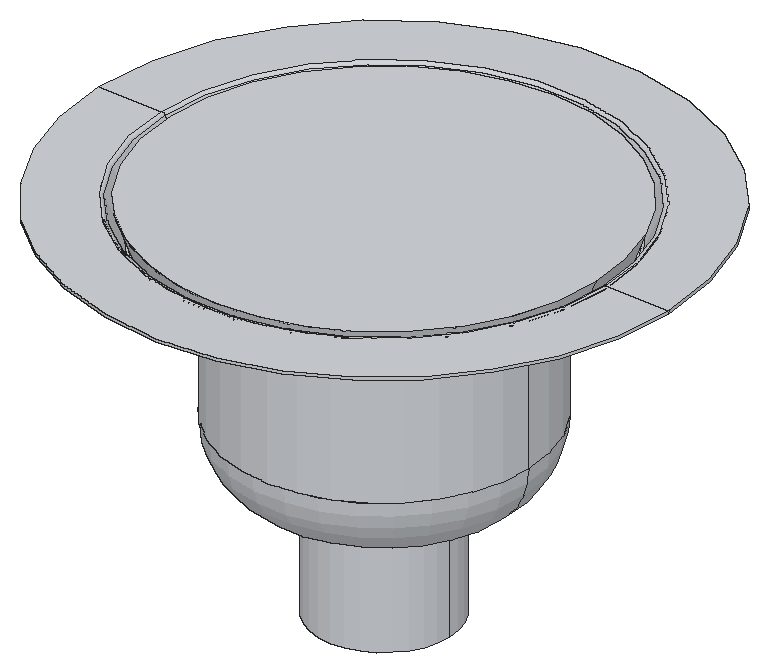
Revit family "S-598_Vertical", category Aparatos sanitarios, Revit 2015
Parameters (values of type "S-598_Vertical_ABS Blanco")
  WFU = 1
  URL = "http://www.jimten.com/es/producto/331/sumidero-para-suelo-vinilico-salida-vertical"
  Sello hidráulico = "50 mm"  # constant formula
  Salida = "50M/110M"  # constant formula
  Rejilla = ABS (Blanco)
  Referencia = "12451"  # constant formula
  Modelo = "S-598"  # constant formula
  Medida = "Ø160 mm"  # constant formula
  Material = ABS (Blanco)
  Fabricante = "Jimten"  # constant formula
  Diámetro = 50 mm  # constant formula
  Descripción = "SUMIDERO PARA SUELOS DE VINILO, SIFON EXTRAIBLE, CON FILTRO DE PELOS, SALIDA VERTICAL, CON CAPO, ANTIVANDÁLICO, PLASTICO·"  # constant formula
  Comentarios de tipo = "CON PRENSATELAS PARA LÁMINAS IMPERMEABILIZANTES DE VINILO. CON TAPA DE PROTECCION DE OBRA"  # constant formula
  Clase carga = "K3"  # constant formula
  Caudal = 0.9 L/s  # constant formula
  Altura total mínima = "110 mm"  # constant formula
Reference planes
  plane 1 "Center (Front/Back)": y = 0
  plane 2: z = 0
  plane 3 "Center (Left/Right)": x = 0
Dimensions and locks
  aligned and locked: level to plane 2
Nested families
  nested 1: "S-598-Rejilla" at (0, 0, 0), type "S-598-Rejilla"
  nested 2: "S-598-OutletVertical" at (0, 0, 0), type "S-598-OutletVertical"
Connectors
  piping at (0, 0, -140), diameter 50, driven by "WFU", driven by "Diámetro", driven by "Caudal"
    settings: on nested 2, index 1, connector inside diameter 609.6 mm, connector length 0 mm, flow factor 0, pipe flow 0.9 L/s, pressure drop 0.0 Pa, fitting loss kfactor 0, connector angle 0.00°, fixture units 1, engagement length 0 mm, angle of deflection 0.00°, flow configuration 0, flow direction 2, fitting loss method 0, system type 16, joint type 0, gender type 0, connector reference index -1, connector utility 0, adjustable connector yes, is connector primary yes, connector description ""
Definition of nested family "S-598-Rejilla"
  Parameters (values of type "S-598-Rejilla")
    Materia_Rejilla = none
  Reference planes
    plane 1 "Center (Front/Back)": y = 0
    plane 2: z = 0
    plane 3 "Center (Left/Right)": x = 0
    plane 4: z = -15
    plane 5 "DetalleRejilla": z = 1
  Forms (mm)
    Blend 1, solid
      base sketch origin (-125.198, -1524, -15) x (-1, 0, 0) y (0, -1, 0)
        loop
          circle (-125.198, -1524) r 75
      top sketch origin (-125.198, -1524, -15) x (-1, 0, 0) y (0, -1, 0)
        loop
          circle (-125.198, -1524) r 80.5
      from 0 to 15
  Lines and regions (mm)
    model lines, detail levels medium+fine
      curve 1: arc (-73.5, -14.925, 1) -> (0.019, -75, 1) -> (73.508, -14.888, 1) r 75
      curve 2: arc (73.508, 14.888, 1) -> (0.019, 75, 1) -> (-73.5, 14.925, 1) r 75
      curve 3: arc (73.508, 14.888, 1) -> (64.052, 0, 1) -> (73.508, -14.888, 1) r 16.448
      curve 4: arc (-73.5, -14.925, 1) -> (-64.015, 0, 1) -> (-73.5, 14.925, 1) r 16.485
      curve 5: circle (0, 0, 1) r 80.5 normal (0, 0, 1)
  Dimensions and locks
    plane 4 to plane 2 = 15 mm
    plane 5 "DetalleRejilla" to plane 2 = 1 mm
    aligned and locked: level to plane 2
    aligned and locked: level to Blend 1
Definition of nested family "S-598-OutletVertical"
  Parameters (values of type "S-599-OutletVertical")
    MaterialOutlet = none
  Reference planes
    plane 1 "Center (Front/Back)": y = 0
    plane 2: z = 0
    plane 3 "Center (Left/Right)": x = 0
    plane 4: z = -100
    plane 5: z = -140
  Forms (mm)
    Revolve 1, solid
      sketch origin (0, 0, 0) x (1, 0, 0) y (0, 0, 1)
        loop
          arc (55, -16.606) -> (55.293, -15.899) -> (56, -15.606) r 1
          line (56, -15.606) -> (76.629, -15.606)
          arc (76.629, -15.606) -> (77.434, -15.366) -> (77.976, -14.724) r 1.469
          line (77.976, -14.724) -> (83.69, -1.601)
          arc (83.69, -1.601) -> (84.059, -1.164) -> (84.607, -1) r 1
          line (84.607, -1) -> (108, -1) -> (108, 0) -> (84.31, 0)
          arc (84.31, 0) -> (83.489, -0.245) -> (82.936, -0.899) r 1.5
          line (82.936, -0.899) -> (77.198, -14.007)
          arc (77.198, -14.007) -> (76.829, -14.443) -> (76.282, -14.606) r 1
          line (76.282, -14.606) -> (56, -14.606)
          arc (56, -14.606) -> (54.586, -15.192) -> (54, -16.606) r 2
          line (54, -16.606) -> (54, -72.536)
          arc (54, -72.536) -> (48.454, -88.237) -> (34.278, -96.973) r 25
          line (34.278, -96.973) -> (24.893, -99) -> (24, -99) -> (24, -100) -> (25, -100) -> (34.489, -97.95)
          arc (34.489, -97.95) -> (49.233, -88.865) -> (55, -72.536) r 26
          line (55, -72.536) -> (55, -16.606)
        axis (0, 0) -> (0, -100)
      angle from 0 to 360
    Revolve 2, solid
      sketch origin (-6.656, -0.453, 0) x (1, 0, 0) y (0, 0, 1)
        loop
          line (75.98, -18) -> (75.98, -10.167) -> (73.872, -15.009)
          arc (73.872, -15.009) -> (73.503, -15.446) -> (72.955, -15.609) r 1
          line (72.955, -15.609) -> (61.5, -15.609)
          arc (61.5, -15.609) -> (60.793, -15.902) -> (60.5, -16.609) r 1
          line (60.5, -16.609) -> (60.5, -28) -> (65.98, -28)
          arc (65.98, -28) -> (73.051, -25.071) -> (75.98, -18) r 10
        axis (0, -10.167) -> (0, -28)
      angle from 0 to 7
    Revolve 3, solid
      sketch origin (0.453, -6.656, 0) x (0, 1, 0) y (0, 0, 1)
        loop
          line (75.98, -18) -> (75.98, -10.167) -> (73.872, -15.009)
          arc (73.872, -15.009) -> (73.503, -15.446) -> (72.955, -15.609) r 1
          line (72.955, -15.609) -> (61.5, -15.609)
          arc (61.5, -15.609) -> (60.793, -15.902) -> (60.5, -16.609) r 1
          line (60.5, -16.609) -> (60.5, -28) -> (65.98, -28)
          arc (65.98, -28) -> (73.051, -25.071) -> (75.98, -18) r 10
        axis (0, -10.167) -> (0, -28)
      angle from 0 to 7
    Revolve 4, solid
      sketch origin (6.656, 0.453, 0) x (-1, 0, 0) y (0, 0, 1)
        loop
          line (75.98, -18) -> (75.98, -10.167) -> (73.872, -15.009)
          arc (73.872, -15.009) -> (73.503, -15.446) -> (72.955, -15.609) r 1
          line (72.955, -15.609) -> (61.5, -15.609)
          arc (61.5, -15.609) -> (60.793, -15.902) -> (60.5, -16.609) r 1
          line (60.5, -16.609) -> (60.5, -28) -> (65.98, -28)
          arc (65.98, -28) -> (73.051, -25.071) -> (75.98, -18) r 10
        axis (0, -10.167) -> (0, -28)
      angle from 0 to 7
    Revolve 5, solid
      sketch origin (-0.453, 6.656, 0) x (0, -1, 0) y (0, 0, 1)
        loop
          line (75.98, -18) -> (75.98, -10.167) -> (73.872, -15.009)
          arc (73.872, -15.009) -> (73.503, -15.446) -> (72.955, -15.609) r 1
          line (72.955, -15.609) -> (61.5, -15.609)
          arc (61.5, -15.609) -> (60.793, -15.902) -> (60.5, -16.609) r 1
          line (60.5, -16.609) -> (60.5, -28) -> (65.98, -28)
          arc (65.98, -28) -> (73.051, -25.071) -> (75.98, -18) r 10
        axis (0, -10.167) -> (0, -28)
      angle from 0 to 7
    Extrusion 6, solid
      sketch origin (-696.277, -1524, -100) x (-1, 0, 0) y (0, -1, 0)
        loop
          circle (-696.277, -1524) r 25
        loop
          circle (-696.277, -1524) r 24
      from 0 to -40
  Dimensions and locks
    level to plane 4 = 100 mm
    plane 4 to plane 5 = 40 mm
    diameter of Extrusion 6 sketch curve = 50 mm
    aligned and locked: level to plane 2
    aligned and locked: Extrusion 6 to plane 5
